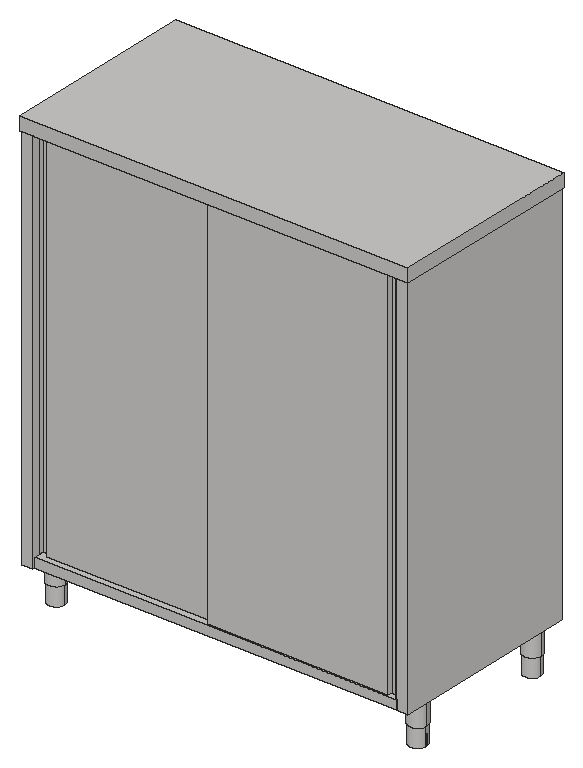
Revit family "QF_ZANUSSI_132887_SAS14N", category Attrezzature speciali, Revit 2020
Family settings
  Quota connettore circolare = Usa diametro
  Tipo di parte = Normale
  Basato su piano di lavoro = No
  Sempre verticale = Sì
  Taglio con vuoti quando caricato = No
  Condiviso = No
  Punto di calcolo locali = No
Parameters (values of type "Standard")
  Weight = 120.00 kg
  Watts = 0 W
  Volts = 0 V
  URL Manufacturer = "http://www.zanussiprofessional.com"
  URL = "http://www.zanussiprofessional.com"
  Steam Supply Size = 0 mm
  Steam Supply Minimum Pressure = 0.0 Pa
  Steam Supply Maximum Pressure = 0.0 Pa
  Steam Consumption per Hour = 0
  Refrigeration Suction Line Size = 0.0 mm
  Refrigeration Liquid Line Size = 0.0 mm
  Refrigerant Compressor Remote = yes
  Prospetto di default = 0.0 mm
  Phase = 0
  Modello = "SAS14N"
  Produttore = "Zanussi"
  Length Actual = 1400.0 mm  # constant formula
  Item Number = "132887"
  Hot Water Size = 0 mm
  Height Actual = 1600.0 mm  # constant formula
  HP = "0 HP"
  Gas Size = 0 mm
  Gas KW = 0
  Gas Input Pressure = 0 W
  Direct Waste Size = 0 mm
  Descrizione = "STORAGE CAB(H=1600)+SLIDING DOORS 1400MM"
  Depth Actual = 700.0 mm  # constant formula
  Cycle = 0 Hz
  Condensate Return Size = 0 mm
  Compressed Air Volume = 0.0 L/s
  Compressed Air Size = 0 mm
  Compressed Air Pressure = 0.0 Pa
  Cold Water Size = 0 mm
  Accessory = yes
Reference planes
  plane 1 "Center (Front/Back)": y = 0
  plane 2: z = 0
  plane 3 "Center (Left/Right)": x = -300
  plane 4 "LEFT": x = -1000
  plane 5 "RIGHT": x = 400
  plane 6 "BACK": y = 350
  plane 7 "FRONT": y = -350
  plane 8 "TOP": z = 1600
  plane 9: x = -952
  plane 10: x = 352
  plane 11: y = 270
  plane 12: y = -247
  plane 13 "FEET": z = 150
  plane 14: x = -954.5
  plane 15: y = -344.5
  plane 16: x = 354.5
  plane 17: x = -326.5
  plane 18: x = -273.5
  plane 19 "BaseTop": z = 1550
  plane 20: x = -994.5
  plane 21: x = 394.5
  plane 22: y = 344.5
Forms (mm)
  Extrusion 1, solid, material "QF_Finishes_Stainless Steel"
    sketch origin (0, 0, 150) x (-1, 0, 0) y (0, -1, 0)
      loop
        line (994.5, -350) -> (994.5, 350) -> (954.5, 350) -> (954.5, -350) -> (994.5, -350)
      loop
        line (-354.5, -350) -> (-354.5, 344.5) -> (-394.5, 344.5) -> (-394.5, -350) -> (-354.5, -350)
    from 0 to 1400
  Extrusion 2, solid, material "QF_Finishes_Stainless Steel"
    sketch origin (0, 0, 150) x (-1, 0, 0) y (0, -1, 0)
      loop
        line (954.5, -347) -> (954.5, 344.5) -> (-354.5, 344.5) -> (-354.5, -347) -> (954.5, -347)
    from 0 to 35
  Extrusion 3, solid, material "QF_Finishes_Stainless Steel"
    sketch origin (0, 0, 150) x (-1, 0, 0) y (0, -1, 0)
      loop
        line (-354.5, -350) -> (954.5, -350) -> (954.5, -327) -> (-354.5, -327) -> (-354.5, -350)
    from 1400 to 35
  Extrusion 4, solid, material "QF_Finishes_Stainless Steel"
    sketch origin (0, 0, 1550) x (-1, 0, 0) y (0, -1, 0)
      loop
        line (1000, 350) -> (-400, 350) -> (-400, -350) -> (1000, -350) -> (1000, 350)
    from 0 to 50
  Extrusion 5, solid, material "QF_Finishes_Stainless Steel"
    sketch origin (33, 0, 150) x (-1, 0, 0) y (0, -1, 0)
      loop
        line (306.5, 324.5) -> (306.5, 304.5) -> (985, 304.5) -> (985, 324.5) -> (983, 324.5) -> (983, 309.5) -> (956.034, 309.5) -> (956.034, 324.5) -> (306.5, 324.5)
    from 1400 to 40
  Extrusion 6, solid, material "QF_Finishes_Stainless Steel"
    sketch origin (-633, 0, 150) x (1, 0, 0) y (0, 1, 0)
      loop
        line (306.5, -344.5) -> (956.034, -344.5) -> (956.034, -329.5) -> (983, -329.5) -> (983, -344.5) -> (985, -344.5) -> (985, -324.5) -> (306.5, -324.5) -> (306.5, -344.5)
    from 1400 to 40
Lines and regions (mm)
  symbolic lines, style "SpecialityEquipment"
    curve 1: line (-1000, 350, 1550) -> (400, 350, 1550)
    curve 2: line (-1000, -350, 1550) -> (-1000, 350, 1550)
    curve 3: line (400, -350, 1550) -> (-1000, -350, 1550)
    curve 4: line (400, 350, 1550) -> (400, -350, 1550)
  symbolic lines, style "SpecialityEquipmentHiddenLines"
    curve 5: line (-1000, -350, 1550) -> (400, 350, 1550)
    curve 6: line (-326.5, -324.5, 200) -> (-326.5, -344.5, 200)
    curve 7: line (-952, -304.5, 1550) -> (-273.5, -304.5, 1550)
    curve 8: line (-273.5, -304.5, 1550) -> (-273.5, -324.5, 1550)
    curve 9: line (-273.5, -324.5, 1550) -> (-952, -324.5, 1550)
    curve 10: line (-952, -324.5, 1550) -> (-952, -304.5, 1550)
    curve 11: line (-326.5, -344.5, 1550) -> (352, -344.5, 1550)
    curve 12: line (352, -344.5, 1550) -> (352, -324.5, 1550)
    curve 13: line (352, -324.5, 1550) -> (-273.5, -324.5, 1550)
Dimensions and locks
  plane 4 "LEFT" to plane 5 "RIGHT" = 1400.0 mm
  equal spacing: plane 4 "LEFT", plane 3 "Center (Left/Right)", plane 5 "RIGHT"
  plane 6 "BACK" to plane 7 "FRONT" = 700.0 mm
  equal spacing: plane 6 "BACK", plane 1 "Center (Front/Back)", plane 7 "FRONT"
  locked: plane 13 "FEET" to level at 150
  locked: plane 4 "LEFT" to plane 9 at 48
  locked: plane 10 to plane 5 "RIGHT" at 48
  locked: plane 6 "BACK" to plane 11 at 80
  locked: plane 12 to plane 7 "FRONT" at 103
  locked: plane 8 "TOP" to level at 1600
  locked: plane 17 to plane 18 at 53
  equal spacing: plane 17, plane 3 "Center (Left/Right)", plane 18
  plane 4 "LEFT" to plane 20 = 5.5 mm
  locked: plane 20 to plane 14 at 40
  locked: plane 16 to plane 21 at 40
  locked: plane 21 to plane 5 "RIGHT" at 5.5
  plane 15 to plane 7 "FRONT" = 5.5 mm  (x2)
  plane 6 "BACK" to plane 22 = 5.5 mm
  locked: plane 8 "TOP" to plane 19 "BaseTop" at 50
  aligned and locked: level to plane 2
  aligned and locked: plane 9 to nested 1
  aligned and locked: plane 10 to nested 2
  aligned and locked: nested 4 to plane 11
  aligned and locked: plane 9 to nested 3
  aligned and locked: nested 3 to plane 11
  aligned and locked: plane 6 "BACK" to Extrusion 1 sketch curve
  aligned and locked: Extrusion 1 sketch curve to plane 6 "BACK"
  aligned and locked: Extrusion 1 sketch curve to plane 7 "FRONT"
  aligned and locked: plane 14 to Extrusion 1
  aligned and locked: Extrusion 2 to plane 14
  aligned and locked: Extrusion 2 to plane 15
  aligned and locked: nested 1 to plane 12
  aligned and locked: nested 2 to plane 12
  aligned and locked: Extrusion 2 sketch curve to plane 16
  aligned and locked: nested 4 to nested 2
  aligned and locked: plane 16 to Extrusion 3
  aligned and locked: Extrusion 3 to plane 14
  aligned and locked: plane 19 "BaseTop" to Extrusion 3
  aligned and locked: plane 19 "BaseTop" to Extrusion 5
  aligned and locked: plane 19 "BaseTop" to Extrusion 6
  aligned and locked: plane 19 "BaseTop" to Extrusion 1
Automatic sketch dimensions
  Extrusion 1 sketch curve to plane 15 = 0.0 mm
  Extrusion 1 sketch curve to plane 21 = 0.0 mm
  Extrusion 1 sketch curve to plane 16 = 0.0 mm
  Extrusion 1 sketch curve to plane 14 = 0.0 mm
  Extrusion 1 sketch curve to plane 20 = 0.0 mm
  Extrusion 2 sketch curve to plane 14 = 0.0 mm
  Extrusion 2 sketch curve to plane 15 = 0.0 mm
  plane 22 to Extrusion 2 sketch curve = 2.5 mm
  curve 6 to plane 15 = 0.0 mm
  curve 6 to plane 17 = 0.0 mm
  plane 15 to curve 6 = 20.0 mm
  Extrusion 3 sketch curve to plane 6 "BACK" = 0.0 mm
  Extrusion 3 sketch curve to plane 16 = 0.0 mm
  Extrusion 3 sketch curve to plane 14 = 0.0 mm
  plane 22 to Extrusion 3 sketch curve = 17.5 mm
  Extrusion 4 sketch curve to plane 5 "RIGHT" = 0.0 mm
  Extrusion 4 sketch curve to plane 4 "LEFT" = 0.0 mm
  Extrusion 4 sketch curve to plane 6 "BACK" = 0.0 mm
  Extrusion 4 sketch curve to plane 7 "FRONT" = 0.0 mm
  Extrusion 5 sketch curve to plane 18 = 0.0 mm
  Extrusion 5 sketch curve to plane 9 = 0.0 mm
  plane 9 to Extrusion 5 sketch curve = 28.966 mm
  plane 9 to Extrusion 5 sketch curve = 2.0 mm
  plane 15 to Extrusion 5 sketch curve = 40.0 mm
  Extrusion 5 sketch curve to Extrusion 5 sketch curve = 5.0 mm
  Extrusion 5 sketch curve to Extrusion 5 sketch curve = 15.0 mm  (x2)
  Extrusion 6 sketch curve to plane 17 = 0.0 mm
  Extrusion 6 sketch curve to plane 15 = 0.0 mm  (x2)
  Extrusion 6 sketch curve to plane 10 = 0.0 mm
  plane 10 to Extrusion 6 sketch curve = 28.966 mm
  Extrusion 6 sketch curve to plane 15 = 15.0 mm
  Extrusion 6 sketch curve to Extrusion 6 sketch curve = 20.0 mm
  Extrusion 6 sketch curve to Extrusion 6 sketch curve = 2.0 mm
  curve 1 to plane 5 "RIGHT" = 0.0 mm
  curve 11 to plane 10 = 0.0 mm
  curve 8 to plane 18 = 0.0 mm
  curve 11 to plane 17 = 0.0 mm
  curve 9 to plane 9 = 0.0 mm
  curve 3 to plane 4 "LEFT" = 0.0 mm
  curve 1 to plane 6 "BACK" = 0.0 mm
  curve 12 to plane 15 = 0.0 mm
  curve 4 to plane 7 "FRONT" = 0.0 mm
  plane 15 to curve 8 = 40.0 mm
  curve 13 to curve 11 = 20.0 mm
Nested families
  nested 1: "FEET_D60-150" at (-952, -247, 0), type "FEET_D60-150"
  nested 2: "FEET_D60-150" at (352, -247, 0), type "FEET_D60-150"
  nested 3: "FEET_D60-150" at (-952, 270, 0), type "FEET_D60-150"
  nested 4: "FEET_D60-150" at (352, 270, 0), type "FEET_D60-150"
Definition of nested family "FEET_D60-150"
  Parameters
    Default Elevation = 0.0 mm
    FEET = 150.0 mm
  Reference planes
    plane 1 "Center (Front/Back)": y = 0
    plane 2: z = 0
    plane 3 "Center (Left/Right)": x = 0
    plane 4: z = 150
  Forms (mm)
    Extrusion 1, solid
      sketch origin (0, 0, 0) x (1, 0, 0) y (0, 1, 0)
        loop
          circle (0, 0) r 28
      from 0 to 67
    Revolve 2, solid
      sketch origin (0, 0, 0) x (1, 0, 0) y (0, 0, 1)
        loop
          line (0, 0) -> (0, 150) -> (-32.939, 150) -> (-32.939, 67) -> (-30, 67) -> (-30, 0) -> (0, 0)
        axis (0, 150) -> (0, 0)
      angle from 0 to 360
  Lines and regions (mm)
    symbolic lines
      curve 1: line (0, -1.503, 0) -> (0, 1.508, 0)
      curve 2: line (1.561, 0, 0) -> (-1.439, 0, 0)
  Dimensions and locks
    "FEET": plane 4 to plane 2
    aligned and locked: level to plane 2
  Automatic sketch dimensions
    plane 1 "Center (Front/Back)" to Extrusion 1 sketch curve = 0.0 mm
    Extrusion 1 sketch curve to plane 3 "Center (Left/Right)" = 0.0 mm
    plane 1 "Center (Front/Back)" to curve 2 = 0.0 mm
    curve 1 to plane 3 "Center (Left/Right)" = 0.0 mm
    curve 2 to plane 3 "Center (Left/Right)" = 1.439 mm
    plane 3 "Center (Left/Right)" to curve 2 = 1.561 mm
    plane 1 "Center (Front/Back)" to curve 1 = 1.503 mm
    curve 1 to plane 1 "Center (Front/Back)" = 1.508 mm
    Revolve 2 sketch curve to plane 4 = 0.0 mm
    Revolve 2 sketch curve to level = 0.0 mm
    Revolve 2 sketch curve to plane 3 "Center (Left/Right)" = 0.0 mm  (x2)
    Revolve 2 sketch curve to plane 3 "Center (Left/Right)" = 30.0 mm
    Revolve 2 sketch curve to plane 3 "Center (Left/Right)" = 32.939 mm
    level to Revolve 2 sketch curve = 67.0 mm
    Revolve 2 sketch curve to level = 42.207 mm
    Revolve 2 sketch curve to Revolve 2 sketch curve = 10.0 mm
    radius of Extrusion 1 sketch curve = 28.0 mm
